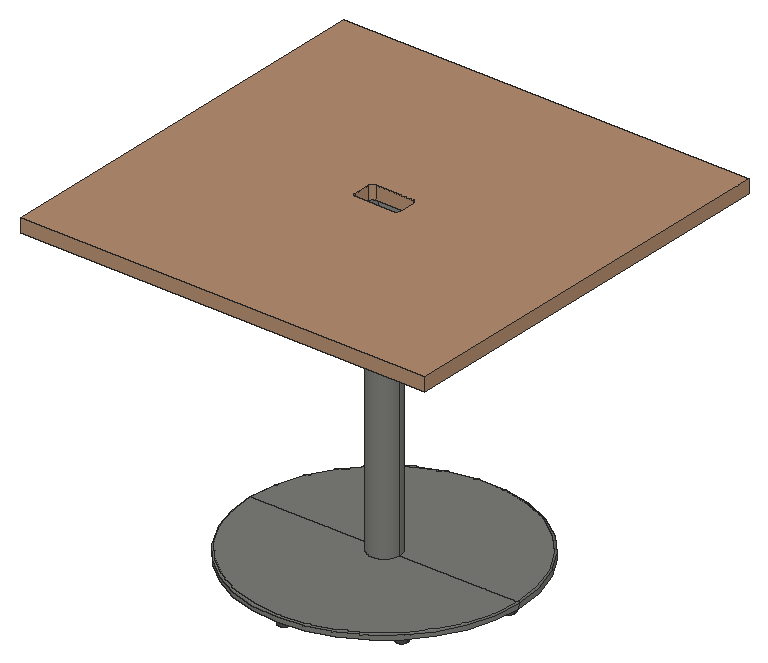
Revit family "Table-Teknion-ATETB_Square_Cafe_Table_With_Electrics-R2022", category Furniture, Revit 2023 (continued)
Definition of nested family "Support"
  Lines and regions (in)
    symbolic lines
      curve 27: spline (0.49294, -0.75579, 0) -> (0.46065, -0.73092, 0) -> (0.4317, -0.69302, 0) -> (0.40739, -0.64377, 0) -> (0.38881, -0.58538, 0) -> (0.3768, -0.52049, 0) -> (0.37188, -0.45198, 0) -> (0.37429, -0.38295, 0) -> (0.38392, -0.31647, 0) -> (0.40033, -0.25554, 0) -> (0.42278, -0.20289, 0) -> (0.45027, -0.16087, 0) -> (0.48158, -0.13138, 0)
      curve 28: spline (0.4077, -0.75579, 0) -> (0.42937, -0.75723, 0) -> (0.45004, -0.77026, 0) -> (0.4682, -0.79392, 0) -> (0.48251, -0.82647, 0) -> (0.49193, -0.86552, 0) -> (0.49574, -0.9082, 0) -> (0.49369, -0.95135, 0) -> (0.48591, -0.99181, 0) -> (0.47298, -1.02661, 0) -> (0.45585, -1.05317, 0) -> (0.43578, -1.06954, 0) -> (0.41424, -1.07453, 0)
      curve 29: spline (0.49948, -1.07453, 0) -> (0.52102, -1.06954, 0) -> (0.54108, -1.05317, 0) -> (0.55822, -1.02661, 0) -> (0.57115, -0.99181, 0) -> (0.57893, -0.95135, 0) -> (0.58098, -0.9082, 0) -> (0.57717, -0.86552, 0) -> (0.56775, -0.82647, 0) -> (0.55344, -0.79392, 0) -> (0.53528, -0.77026, 0) -> (0.5146, -0.75723, 0) -> (0.49294, -0.75579, 0)
      curve 30: spline (0.41424, -1.07453, 0) -> (0.3892, -1.07164, 0) -> (0.36422, -1.06713, 0) -> (0.33932, -1.06102, 0) -> (0.31454, -1.0533, 0) -> (0.28989, -1.04398, 0) -> (0.26541, -1.03308, 0) -> (0.24111, -1.0206, 0) -> (0.21703, -1.00656, 0) -> (0.19319, -0.99097, 0) -> (0.16961, -0.97384, 0) -> (0.14632, -0.95521, 0) -> (0.12335, -0.93508, 0)
      curve 31: spline (0.20858, -0.93508, 0) -> (0.23156, -0.95521, 0) -> (0.25485, -0.97384, 0) -> (0.27843, -0.99097, 0) -> (0.30227, -1.00656, 0) -> (0.32635, -1.0206, 0) -> (0.35065, -1.03308, 0) -> (0.37513, -1.04398, 0) -> (0.39978, -1.0533, 0) -> (0.42456, -1.06102, 0) -> (0.44946, -1.06713, 0) -> (0.47444, -1.07164, 0) -> (0.49948, -1.07453, 0)
      curve 32: line (0.41424, -1.07453, 0) -> (0.49948, -1.07453, 0)
      curve 33: line (0.39634, -0.13138, 0) -> (0.48158, -0.13138, 0)
      curve 34: line (0.4077, -0.75579, 0) -> (0.49294, -0.75579, 0)
      curve 35: line (0.96755, 1.48572, 0) -> (0.20858, 0.69266, 0)
      curve 36: line (0.12335, 0.69266, 0) -> (0.88231, 1.48572, 0)
  Dimensions and locks (in)
    plane 4 "Left" to plane 5 "Right" = 4.84752"
    plane 6 "Back" to plane 7 "Front" = 2.56025"
    locked: plane 8 "Top" to level at 27.81102
    equal spacing: plane 6 "Back", plane 1 "Center Front/Back", plane 7 "Front"
    equal spacing: plane 4 "Left", plane 3 "Center Left/Right", plane 5 "Right"
    aligned and locked: level to plane 2
    aligned and locked: plane 3 "Center Left/Right" to Sweep 2 sketch curve
  Automatic sketch dimensions
    Sweep 1 sketch curve to plane 8 "Top" = 0.15748"
    Sweep 1 sketch curve to plane 3 "Center Left/Right" = 0.94649"
    Sweep 1 sketch curve to plane 8 "Top" = 0.10827"
    Sweep 1 sketch curve to Sweep 1 sketch curve = 0.08524"
    Sweep 2 sketch curve to plane 7 "Front" = 0.13945"
    Sweep 2 sketch curve to plane 1 "Center Front/Back" = 0.48706"
    Sweep 2 sketch curve to Sweep 2 sketch curve = 0.000"  (x2)
    Sweep 2 sketch curve to profile plane = 0.000"
    profile plane to Sweep 2 sketch curve = 0.10229"
    Sweep 2 sketch curve to Sweep 2 sketch curve = 0.08524"  (x2)
    Sweep 2 sketch curve to profile plane = 0.10229"
    level to Sweep 2 sketch curve = 26.33898"
    Sweep 2 sketch curve to Sweep 2 sketch curve = 0.04921"
    Sweep 2 sketch curve to Sweep 2 sketch curve = 0.05906"
    Sweep 3 sketch curve to plane 4 "Left" = 0.000"
    Sweep 3 sketch curve to plane 8 "Top" = 0.000"
    Sweep 3 sketch curve to Sweep 3 sketch curve = 0.09843"
    Sweep 3 sketch curve to profile plane = 0.000"
    plane 1 "Center Front/Back" to Sweep 3 sketch curve = 0.19544"
    profile plane to Sweep 3 sketch curve = 0.64889"
    profile plane to Sweep 3 sketch curve = 1.37498"
    Sweep 3 sketch curve to plane 1 "Center Front/Back" = 0.45344"
    Sweep 3 sketch curve to plane 1 "Center Front/Back" = 1.28012"
    Sweep 4 sketch curve to plane 6 "Back" = 0.000"
    Sweep 4 sketch curve to plane 3 "Center Left/Right" = 1.04878"
    plane 1 "Center Front/Back" to Sweep 4 sketch curve = 0.19544"
    Sweep 4 sketch curve to Sweep 4 sketch curve = 0.000"  (x2)
    Sweep 4 sketch curve to profile plane = 0.000"
    profile plane to Sweep 4 sketch curve = 0.10229"
    Sweep 4 sketch curve to Sweep 4 sketch curve = 0.08524"
    level to Sweep 4 sketch curve = 27.59449"
    Sweep 4 sketch curve to Sweep 4 sketch curve = 0.05906"
    Sweep 4 sketch curve to Sweep 4 sketch curve = 0.04921"
    Sweep 5 sketch curve to plane 8 "Top" = 0.15748"
    plane 3 "Center Left/Right" to Sweep 5 sketch curve = 0.94649"
    Sweep 5 sketch curve to plane 8 "Top" = 0.10827"
    Sweep 5 sketch curve to Sweep 5 sketch curve = 0.08524"
    plane 5 "Right" to Sweep 6 sketch curve = 0.000"
    Sweep 6 sketch curve to plane 8 "Top" = 0.000"
    Sweep 6 sketch curve to plane 8 "Top" = 0.09843"
    Sweep 6 sketch curve to profile plane = 0.000"
    plane 1 "Center Front/Back" to Sweep 6 sketch curve = 0.19544"
    Sweep 6 sketch curve to profile plane = 0.64889"
    Sweep 6 sketch curve to profile plane = 1.37498"
    Sweep 6 sketch curve to plane 1 "Center Front/Back" = 0.45344"
    Sweep 6 sketch curve to plane 1 "Center Front/Back" = 1.28012"
    Sweep 7 sketch curve to plane 6 "Back" = 0.000"
    plane 3 "Center Left/Right" to Sweep 7 sketch curve = 1.04878"
    plane 1 "Center Front/Back" to Sweep 7 sketch curve = 0.19544"
    Sweep 7 sketch curve to Sweep 7 sketch curve = 0.000"  (x2)
    Sweep 7 sketch curve to profile plane = 0.000"
    Sweep 7 sketch curve to profile plane = 0.10229"
    Sweep 7 sketch curve to Sweep 7 sketch curve = 0.08524"
    level to Sweep 7 sketch curve = 27.59449"
    Sweep 7 sketch curve to Sweep 7 sketch curve = 0.05906"
    Sweep 7 sketch curve to Sweep 7 sketch curve = 0.04921"
    Sweep 5 sketch curve to profile plane = 0.86475"
    Sweep 5 sketch curve to profile plane = 0.87174"
    Sweep 5 sketch curve to Sweep 5 sketch curve = 0.06806"
    Sweep 5 sketch curve to plane 1 "Center Front/Back" = 0.48706"
    Sweep 5 sketch curve to Sweep 5 sketch curve = 0.64619"
    Sweep 5 sketch curve to plane 1 "Center Front/Back" = 1.28012"
    Sweep 5 sketch curve to plane 1 "Center Front/Back" = 0.27196"
    Sweep 5 sketch curve to Sweep 5 sketch curve = 0.47466"
    Sweep 5 sketch curve to Sweep 5 sketch curve = 0.02033"
    Sweep 5 sketch curve to Sweep 5 sketch curve = 0.00333"
    plane 1 "Center Front/Back" to Sweep 5 sketch curve = 0.33698"
    Sweep 5 sketch curve to profile plane = 0.000"
    Sweep 5 sketch curve to Sweep 5 sketch curve = 0.1072"
    plane 1 "Center Front/Back" to Sweep 5 sketch curve = 0.19544"
    Sweep 5 sketch curve to Sweep 5 sketch curve = 0.30872"
    Sweep 1 sketch curve to profile plane = 0.000"
    profile plane to Sweep 1 sketch curve = 0.86475"
    Sweep 1 sketch curve to Sweep 1 sketch curve = 0.06806"
    Sweep 1 sketch curve to Sweep 1 sketch curve = 0.64619"
    Sweep 1 sketch curve to plane 1 "Center Front/Back" = 1.28012"
    Sweep 1 sketch curve to plane 1 "Center Front/Back" = 0.48706"
    Sweep 1 sketch curve to plane 1 "Center Front/Back" = 0.27196"
    plane 1 "Center Front/Back" to Sweep 1 sketch curve = 0.64569"
    Sweep 1 sketch curve to Sweep 1 sketch curve = 0.47466"
    Sweep 1 sketch curve to Sweep 1 sketch curve = 0.02033"
    Sweep 1 sketch curve to Sweep 1 sketch curve = 0.00333"
    Sweep 1 sketch curve to Sweep 1 sketch curve = 0.01641"
    plane 1 "Center Front/Back" to Sweep 1 sketch curve = 0.33698"
    Sweep 1 sketch curve to Sweep 1 sketch curve = 0.1072"
    plane 1 "Center Front/Back" to Sweep 1 sketch curve = 0.19544"
    curve 1 to plane 4 "Left" = 0.000"
    curve 17 to plane 6 "Back" = 0.000"
    plane 7 "Front" to curve 12 = 0.000"
    plane 7 "Front" to curve 30 = 0.000"
    curve 20 to plane 6 "Back" = 0.000"
    curve 20 to plane 5 "Right" = 0.000"
    plane 1 "Center Front/Back" to curve 4 = 0.19544"
    plane 4 "Left" to curve 4 = 0.64889"
    curve 18 to plane 3 "Center Left/Right" = 0.86125"
    curve 5 to plane 3 "Center Left/Right" = 0.86125"
    curve 14 to plane 3 "Center Left/Right" = 0.47842"
    curve 10 to curve 16 = 0.00654"
    curve 4 to curve 6 = 0.40074"
    curve 10 to curve 14 = 0.08524"
    curve 10 to curve 16 = 0.08524"
    curve 8 to curve 15 = 0.08524"
    curve 19 to plane 3 "Center Left/Right" = 0.18753"
    curve 13 to plane 3 "Center Left/Right" = 0.18753"
    plane 3 "Center Left/Right" to curve 35 = 0.18753"
    plane 3 "Center Left/Right" to curve 13 = 0.18753"
    plane 3 "Center Left/Right" to curve 24 = 0.37528"
    curve 13 to curve 34 = 0.19912"
    curve 13 to curve 32 = 0.20566"
    curve 33 to curve 25 = 0.08524"
    curve 26 to curve 34 = 0.08524"
    curve 28 to curve 32 = 0.08524"
    plane 1 "Center Front/Back" to curve 23 = 0.19544"
    curve 33 to curve 23 = 0.40074"
    plane 3 "Center Left/Right" to curve 20 = 0.86125"
    plane 5 "Right" to curve 23 = 0.64889"
    curve 13 to plane 7 "Front" = 0.13945"
    curve 13 to curve 34 = 0.17929"
    curve 16 to plane 7 "Front" = 0.31874"
    plane 1 "Center Front/Back" to curve 5 = 0.33698"
    plane 1 "Center Front/Back" to curve 33 = 0.33698"
    curve 2 to plane 1 "Center Front/Back" = 0.45344"
    curve 21 to plane 1 "Center Front/Back" = 0.45344"
    curve 19 to plane 1 "Center Front/Back" = 0.48706"
    curve 6 to curve 4 = 0.08524"
    curve 17 to curve 1 = 0.08524"
    curve 8 to curve 6 = 0.0536"
    curve 12 to plane 3 "Center Left/Right" = 0.51062"
    curve 10 to curve 8 = 0.00821"
    curve 8 to curve 7 = 0.08524"
    curve 12 to curve 11 = 0.08524"  (x2)
    curve 9 to curve 7 = 0.00821"
    curve 17 to curve 18 = 0.08524"
    curve 36 to curve 35 = 0.08524"
    curve 30 to curve 31 = 0.08524"  (x2)
    curve 26 to curve 28 = 0.00821"
    curve 19 to curve 30 = 0.23786"
    curve 26 to curve 25 = 0.03164"
    curve 28 to curve 29 = 0.08524"
    curve 33 to curve 27 = 0.0536"
    curve 20 to curve 35 = 0.08524"
    curve 23 to curve 25 = 0.08524"
    curve 29 to curve 34 = 0.15896"
    curve 10 to curve 10 = 0.15896"
    curve 10 to curve 9 = 0.000"
    curve 28 to curve 29 = 0.000"
    curve 26 to curve 27 = 0.30872"
    curve 7 to curve 6 = 0.30872"
    curve 8 to curve 7 = 0.000"
    curve 26 to curve 27 = 0.000"
    curve 30 to plane 1 "Center Front/Back" = 0.27196"
    curve 30 to curve 31 = 0.000"
    curve 12 to plane 1 "Center Front/Back" = 0.27196"
    curve 12 to curve 11 = 0.000"
Definition of nested family "Teknion_2D_Node_Family-R2016"
  Reference planes (in)
    plane 1 "Center (Front/Back)": y = 0
    plane 2: z = 0
    plane 3 "Center (Left/Right)": x = 0
  Lines and regions (in)
    detail lines, in view "Ref. Level"
      curve 1: circle (0, 0, 0) r 1.25 normal (0, 0, 1)
      curve 2: line (1.91508, -1.91508, 0) -> (-1.91508, 1.91508, 0)
      curve 3: line (-1.91508, -1.91508, 0) -> (1.91508, 1.91508, 0)
Types (3): name | Surface Finish | Model | Height | Description | Base Finish
  (no name) | Foundation Laminate - Teknion - YA - Anigre | "ATETB_29M36AH" | 29.000" | "Square Cafe Table With Electrics, 29\" Height, Metal Post Base Style, 36\" Width, Dual Flush Power Module Cutout" | Paint - Teknion - Mica - Anthracite
  29" Height | Foundation Laminate - Teknion - YA - Anigre | "ATETB_29M36AH" | 29.000" | "Square Cafe Table With Electrics, 29\" Height, Metal Post Base Style, 36\" Width, Dual Flush Power Module Cutout" | Paint - Teknion - Mica - Anthracite
  26" Height | Veneer - Teknion - 5P - Flintwood - Poppy Seed | "ATETB_26M36AH" | 26.000" | "Square Cafe Table With Electrics, 26\" Height, Metal Post Base Style, 36\" Width, Dual Flush Power Module Cutout" | Paint - Teknion - Foundation - Crisp Grey
